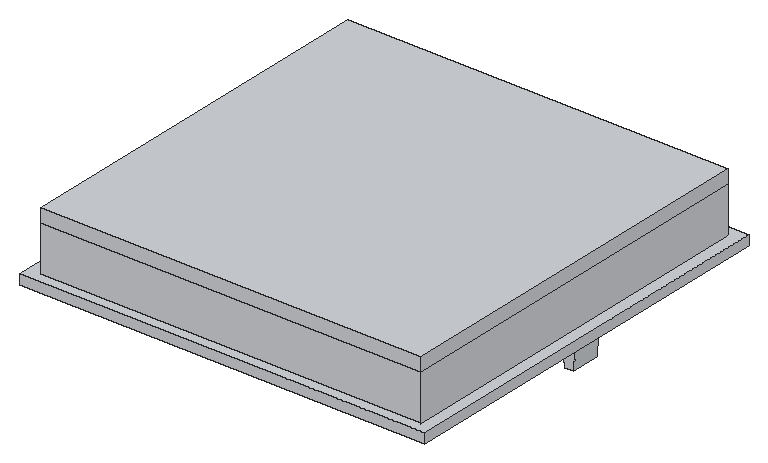
Revit family "Gira_028566", category Electrical Fixtures, host Face, Revit 2017
Family settings
  Host = Face
  Maintain Annotation Orientation = No
  Round Connector Dimension = Use Diameter
  Part Type = Normal
  Cut with Voids When Loaded = No
  Shared = No
  Room Calculation Point = No
Parameters (values of type "Rocker sym.light Gira TX_44 (WP FM) p.white")
  With exchangeable lens/symbol = "No"
  URL = "http://katalog.gira.de/en/datenblatt.html?artikelnr=028566"
  Suitable for touch sensor connector for bus system = "No"
  Scannable symbol / barrier free = "No"
  Name = "Rocker sym.light Gira TX_44 (WP FM) p.white"
  Monitoring window/light outlet = "No"
  Model = "Single rocker"
  Manufacturer URL = "https://www.gira.de/"
  Manufacturer = "Gira"
  Keynote = ""
  HeinzeBIM = "https://bimportal.heinze.de/bim/rocker-sym-light-gira-tx-44-wp-fm-p-white/0ef52a5a2770187085dc229292306c565669044c"
  HAN = "028566"
  GTIN = "4010337285663"
  Description = "Rock.sym.light TX_44 PW,Rocker with symbol,Light,pure white,Notes :,- Theft-prevention implemented via optional screw-in clamp piece. This makes plugging of cover frame unnecessary."
  Default Elevation = 1219.2 mm
  Data sheet (1) = "https://katalog.gira.de/en/download.html?artikelnr=028566"
  Category = "Control element/cover plate for domestic switching devices"
  BIM (1) = "https://media.stage.bim.site/public/gira/36a6b08/TX44_Abdeckung_Schalten und Tasten.rfa?public/gira/36a6b08/TX44_Abdeckung_Schalten und Tasten.rfa"
  Available = "No"
Reference planes
  plane 1 "Center (Front/Back)": y = 0
  plane 2: z = 0
  plane 3 "Center (Left/Right)": x = 0
Forms (mm)
  Extrusion 1, solid, detail levels fine
    sketch origin (0, 0, 0) x (1, 0, 0) y (0, 1, 0)
      loop
        line (34.85, 34.85) -> (-34.85, 34.85) -> (-34.85, -34.85) -> (34.85, -34.85) -> (34.85, 34.85)
      loop
        line (-31.45, 31.8) -> (-31.45, -31.8) -> (31.45, -31.8) -> (31.45, 31.8) -> (-31.45, 31.8)
    from 0 to 1.7
  Extrusion 2, solid, detail levels fine
    sketch origin (0, 0, 0) x (1, 0, 0) y (0, 1, 0)
      loop
        line (32.8, 33.05) -> (-32.8, 33.05) -> (-32.8, -33.05) -> (32.8, -33.05) -> (32.8, 33.05)
      loop
        line (-31.45, 31.8) -> (-31.45, -31.8) -> (31.45, -31.8) -> (31.45, 31.8) -> (-31.45, 31.8)
    from 1.566 to 9.515
  Extrusion 3, solid, detail levels fine
    sketch origin (0, 0, 0) x (1, 0, 0) y (0, 1, 0)
      loop
        line (32.8, 33.05) -> (-32.8, 33.05) -> (-32.8, -33.05) -> (32.8, -33.05) -> (32.8, 33.05)
    from 9.515 to 11.816
  Extrusion 4, solid, detail levels fine
    sketch origin (0, 0, 0) x (1, 0, 0) y (0, 0, 1)
      loop
        line (-32.815, 0) -> (-34.827, 0) -> (-34.611, -3.084) -> (-33.031, -3.084) -> (-32.815, 0)
      loop
        line (32.815, 0) -> (33.031, -3.084) -> (34.611, -3.084) -> (34.827, 0) -> (32.815, 0)
    from -2.513 to 2.5
  Extrusion 5, solid, detail levels fine
    sketch origin (0, 0, 0) x (1, 0, 0) y (0, 1, 0)
      loop
        spline (-23.686, 23.152) -> (-23.856, 23.114) -> (-24.022, 23.062) -> (-24.184, 22.995) -> (-24.338, 22.915) -> (-24.486, 22.821) -> (-24.624, 22.715) -> (-24.753, 22.597) -> (-24.87, 22.468) -> (-24.977, 22.33) -> (-25.07, 22.183) -> (-25.151, 22.028) -> (-25.218, 21.867)
        line (-25.218, 21.867) -> (-29.35, 10.513) -> (-29.35, -10.487) -> (-25.218, -21.841)
        spline (-25.218, -21.841) -> (-25.151, -22.002) -> (-25.07, -22.156) -> (-24.977, -22.304) -> (-24.87, -22.442) -> (-24.753, -22.571) -> (-24.624, -22.688) -> (-24.486, -22.795) -> (-24.338, -22.888) -> (-24.184, -22.969) -> (-24.022, -23.036) -> (-23.856, -23.088) -> (-23.686, -23.126)
        line (-23.686, -23.126) -> (0, -27.302) -> (23.686, -23.126)
        spline (23.686, -23.126) -> (23.856, -23.088) -> (24.022, -23.036) -> (24.184, -22.969) -> (24.338, -22.888) -> (24.486, -22.795) -> (24.624, -22.688) -> (24.753, -22.571) -> (24.87, -22.442) -> (24.977, -22.304) -> (25.07, -22.156) -> (25.151, -22.002) -> (25.218, -21.841)
        line (25.218, -21.841) -> (29.35, -10.487) -> (29.35, 10.513) -> (25.218, 21.867)
        spline (25.218, 21.867) -> (25.151, 22.028) -> (25.07, 22.183) -> (24.977, 22.33) -> (24.87, 22.468) -> (24.753, 22.597) -> (24.624, 22.715) -> (24.486, 22.821) -> (24.338, 22.915) -> (24.184, 22.995) -> (24.022, 23.062) -> (23.856, 23.114) -> (23.686, 23.152)
        line (23.686, 23.152) -> (0, 27.328) -> (-23.686, 23.152)
      loop
        line (-24.278, 21.525) -> (-28.35, 10.337) -> (-28.35, -10.311) -> (-24.278, -21.498)
        spline (-24.278, -21.498) -> (-24.245, -21.579) -> (-24.204, -21.656) -> (-24.157, -21.73) -> (-24.104, -21.799) -> (-24.045, -21.863) -> (-23.981, -21.922) -> (-23.912, -21.976) -> (-23.838, -22.022) -> (-23.761, -22.063) -> (-23.68, -22.096) -> (-23.597, -22.122) -> (-23.512, -22.141)
        line (-23.512, -22.141) -> (0, -26.287) -> (23.512, -22.141)
        spline (23.512, -22.141) -> (23.597, -22.122) -> (23.68, -22.096) -> (23.761, -22.063) -> (23.838, -22.022) -> (23.912, -21.976) -> (23.981, -21.922) -> (24.045, -21.863) -> (24.104, -21.799) -> (24.157, -21.73) -> (24.204, -21.656) -> (24.245, -21.579) -> (24.278, -21.498)
        line (24.278, -21.498) -> (28.35, -10.311) -> (28.35, 10.337) -> (24.278, 21.525)
        spline (24.278, 21.525) -> (24.245, 21.605) -> (24.204, 21.683) -> (24.157, 21.756) -> (24.104, 21.825) -> (24.045, 21.89) -> (23.981, 21.949) -> (23.912, 22.002) -> (23.838, 22.048) -> (23.761, 22.089) -> (23.68, 22.122) -> (23.597, 22.148) -> (23.512, 22.167)
        line (23.512, 22.167) -> (0, 26.313) -> (-23.512, 22.167)
        spline (-23.512, 22.167) -> (-23.597, 22.148) -> (-23.68, 22.122) -> (-23.761, 22.089) -> (-23.838, 22.048) -> (-23.912, 22.002) -> (-23.981, 21.949) -> (-24.045, 21.89) -> (-24.104, 21.825) -> (-24.157, 21.756) -> (-24.204, 21.683) -> (-24.245, 21.605) -> (-24.278, 21.525)
    from 4.866 to 9.515
  Extrusion 6, solid, detail levels fine
    sketch origin (0, 0, 0) x (1, 0, 0) y (0, 1, 0)
      loop
        arc (0, 8.51) -> (-1.055, 8.223) -> (-1.717, 7.352) r 1.7
        line (-1.717, 7.352) -> (-2.205, 5.894) -> (-2.205, 4.213) -> (-4.36, 4.213)
        arc (-4.36, 4.213) -> (-4.865, 4.091) -> (-5.257, 3.75) r 1.1
        arc (-5.257, 3.75) -> (-6.02, 2.328) -> (-6.406, 0.761) r 6.45
        arc (-6.406, 0.761) -> (-6.7, 0.013) -> (-6.406, -0.735) r 1.1
        arc (-6.406, -0.735) -> (-6.02, -2.302) -> (-5.257, -3.724) r 6.45
        arc (-5.257, -3.724) -> (-4.865, -4.064) -> (-4.36, -4.187) r 1.1
        line (-4.36, -4.187) -> (-2.1, -4.187) -> (-2.1, -5.243)
        arc (-2.1, -5.243) -> (-1.847, -5.944) -> (-1.206, -6.323) r 1.1
        arc (-1.206, -6.323) -> (0, -6.437) -> (1.206, -6.323) r 6.45
        arc (1.206, -6.323) -> (1.847, -5.944) -> (2.1, -5.243) r 1.1
        line (2.1, -5.243) -> (2.1, -4.187) -> (4.36, -4.187)
        arc (4.36, -4.187) -> (4.865, -4.064) -> (5.257, -3.724) r 1.1
        arc (5.257, -3.724) -> (6.02, -2.302) -> (6.406, -0.735) r 6.45
        arc (6.406, -0.735) -> (6.7, 0.013) -> (6.406, 0.761) r 1.1
        arc (6.406, 0.761) -> (6.02, 2.328) -> (5.257, 3.75) r 6.45
        arc (5.257, 3.75) -> (4.865, 4.091) -> (4.36, 4.213) r 1.1
        line (4.36, 4.213) -> (2.205, 4.213) -> (2.205, 5.894) -> (1.717, 7.352)
        arc (1.717, 7.352) -> (1.055, 8.223) -> (0, 8.51) r 1.7
    from -6.834 to 9.515
  Extrusion 7, solid, detail levels coarse
    sketch origin (0, 0, 0) x (1, 0, 0) y (0, 1, 0)
      loop
        line (34.85, 34.85) -> (-34.85, 34.85) -> (-34.85, -34.85) -> (34.85, -34.85) -> (34.85, 34.85)
    from -6.834 to 11.816
  Extrusion 8, solid, detail levels medium
    sketch origin (0, 0, 0) x (1, 0, 0) y (0, 1, 0)
      loop
        line (32.8, 33.05) -> (-32.8, 33.05) -> (-32.8, -33.05) -> (32.8, -33.05) -> (32.8, 33.05)
    from 1.566 to 11.816
  Extrusion 9, solid, detail levels medium
    sketch origin (0, 0, 0) x (1, 0, 0) y (0, 1, 0)
      loop
        line (34.85, 34.85) -> (-34.85, 34.85) -> (-34.85, -34.85) -> (34.85, -34.85) -> (34.85, 34.85)
    from 0 to 1.7
  Extrusion 10, solid, detail levels medium
    sketch origin (0, 0, 0) x (1, 0, 0) y (0, 1, 0)
      loop
        circle (0, 1.036) r 7.473
    from -6.834 to 9.515
  Extrusion 11, solid, detail levels medium
    sketch origin (0, 0, 0) x (1, 0, 0) y (0, 0, 1)
      loop
        line (-32.815, -3.084) -> (-32.815, 0) -> (-34.827, 0) -> (-34.827, -3.084) -> (-32.815, -3.084)
      loop
        line (32.815, -3.084) -> (34.827, -3.084) -> (34.827, 0) -> (32.815, 0) -> (32.815, -3.084)
    from -2.513 to 2.5
Dimensions and locks
  aligned and locked: plane 2 to host face
  aligned and locked: level to host face
